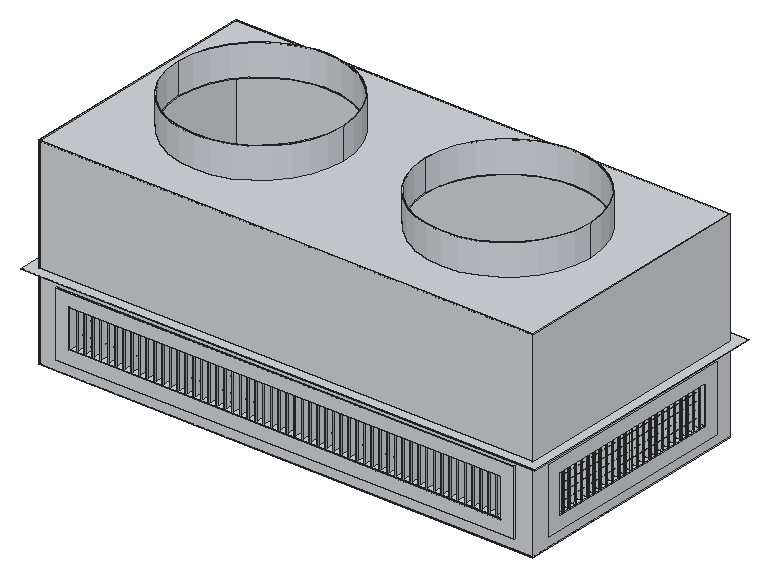
Revit family "model CO-12 diffuser", category Mechanical Equipment, Revit 2015
Parameters
  height [instance] = 1' - 7 3/8"
  Width = 1' - 11 3/4"
  Length = 3' - 11 3/4"
Reference planes (in)
  plane 1 "Center (Front/Back)": y = 0
  plane 2: z = 0
  plane 3 "Center (Left/Right)": x = 0
  plane 4: y = 11.875
  plane 5: y = -11.875
  plane 6: x = -23.875
  plane 7: x = 23.875
  plane 8: z = -9.6875
  plane 9: z = 9.6875
  plane 10: x = -23.8272
  plane 11: y = -11.8272
  plane 12: x = 23.8272
  plane 13: y = 11.8272
  plane 14: z = 9.6397
  plane 15: z = -1.3125
  plane 16: x = -24.875
  plane 17: y = -12.875
  plane 18: x = 24.875
  plane 19: y = 12.875
  plane 20: z = -1.3603
  plane 21: z = -9.6397
  plane 22: x = -11.9375
  plane 23: x = 11.9375
  plane 24: z = 12.6875
  plane 25: y = 9
  plane 26: y = -9
  plane 27: z = -3.50092
  plane 28: z = -7.50092
  plane 29: x = -21
  plane 30: x = 21
  plane 31: x = -16.5
  plane 32: x = 16.5
  plane 33: y = 4.5
  plane 34: y = -4.5
Forms (in)
  Extrusion 1, solid
    sketch origin (0, 0, 0) x (1, 0, 0) y (0, 1, 0)
      loop
        line (-23.875, 11.875) -> (-23.875, -11.875) -> (23.875, -11.875) -> (23.875, 11.875) -> (-23.875, 11.875)
    from 9.6875 to 9.6397
  Extrusion 2, solid
    sketch origin (0, 0, 0) x (1, 0, 0) y (0, 1, 0)
      loop
        line (-23.875, 11.875) -> (-23.875, -11.875) -> (23.875, -11.875) -> (23.875, 11.875) -> (-23.875, 11.875)
      loop
        line (-23.8272, 11.8272) -> (-23.8272, -11.8272) -> (23.8272, -11.8272) -> (23.8272, 11.8272) -> (-23.8272, 11.8272)
    from 9.6875 to -9.6875
  Extrusion 3, solid
    sketch origin (0, 0, 0) x (1, 0, 0) y (0, 1, 0)
      loop
        line (-24.875, 12.875) -> (-24.875, -12.875) -> (24.875, -12.875) -> (24.875, 12.875) -> (-24.875, 12.875)
      loop
        line (23.875, -11.875) -> (23.875, 11.875) -> (-23.875, 11.875) -> (-23.875, -11.875) -> (23.875, -11.875)
    from -1.3125 to -1.3603
  Extrusion 4, solid
    sketch origin (0, 0, 0) x (1, 0, 0) y (0, 1, 0)
      loop
        line (-23.875, 11.875) -> (-23.875, -11.875) -> (23.875, -11.875) -> (23.875, 11.875) -> (-23.875, 11.875)
    from -9.6397 to -9.6875
  Extrusion 5, solid
    sketch origin (0, 0, 0) x (1, 0, 0) y (0, 1, 0)
      loop
        circle (-11.9375, 0) r 8
      loop
        circle (-11.9375, 0) r 7.9761
    from 12.6875 to 9.6875
  Extrusion 6, solid
    sketch origin (23.875, 0, 0) x (1, 0, 0) y (0, 1, 0)
      loop
        circle (-11.9375, 0) r 8
      loop
        circle (-11.9375, 0) r 7.9761
    from 12.6875 to 9.6875
  Extrusion 7, void
    sketch origin (0, 0, 0) x (1, 0, 0) y (0, 1, 0)
      loop
        circle (-11.9375, 0) r 7.9761
    from 12 to 3
  Extrusion 8, void
    sketch origin (0, 0, 0) x (1, 0, 0) y (0, 1, 0)
      loop
        circle (11.9375, 0) r 7.9761
    from 12 to 3
  Extrusion 9, void
    sketch origin (0, 0, 0) x (0, 1, 0) y (0, 0, 1)
      loop
        line (9, -3.50092) -> (-9, -3.50092) -> (-9, -7.50093) -> (9, -7.50093) -> (9, -3.50092)
    from 28.68207 to -27.87379
  Extrusion 10, void
    sketch origin (0, 0, 0) x (1, 0, 0) y (0, 0, 1)
      loop
        line (-21, -3.50092) -> (-21, -7.50092) -> (21, -7.50092) -> (21, -3.50092) -> (-21, -3.50092)
    from 12 to -14.86527
  Extrusion 11, void
    sketch origin (0, 0, 0) x (1, 0, 0) y (0, 1, 0)
      loop
        line (-16.5, 4.5) -> (-16.5, -4.5) -> (16.5, -4.5) -> (16.5, 4.5) -> (-16.5, 4.5)
    from 0 to -12
Cuts and joins
  Extrusion 7, Extrusion 8 cuts Extrusion 1
  Extrusion 7 cuts Extrusion 5
  Extrusion 8 cuts Extrusion 6
  Extrusion 9, Extrusion 10 cuts Extrusion 2
  Extrusion 11 cuts Extrusion 4
Dimensions and locks (in)
  equal spacing: plane 6, plane 3 "Center (Left/Right)", plane 7
  "Length": plane 6 to plane 7
  equal spacing: plane 4, plane 1 "Center (Front/Back)", plane 5
  "Width": plane 4 to plane 5
  locked: plane 6 to plane 10 at 0.0478
  locked: plane 12 to plane 7 at 0.0478
  locked: plane 11 to plane 5 at 0.0478
  locked: plane 13 to plane 4 at 0.0478
  equal spacing: plane 9, level, plane 8
  "height": plane 9 to plane 8
  locked: plane 9 to plane 14 at 0.0478
  locked: plane 15 to plane 8 at 8.375
  locked: plane 5 to plane 17 at 1
  locked: plane 7 to plane 18 at 1
  locked: plane 19 to plane 4 at 1
  locked: plane 16 to plane 6 at 1
  locked: plane 15 to plane 20 at 0.0478
  locked: plane 21 to plane 8 at 0.0478
  locked: plane 22 to plane 3 "Center (Left/Right)" at 11.9375
  locked: plane 3 "Center (Left/Right)" to plane 23 at 11.9375
  locked: plane 24 to plane 9 at 3
  locked: plane 25 to plane 1 "Center (Front/Back)" at 9
  locked: plane 1 "Center (Front/Back)" to plane 26 at 9
  locked: plane 3 "Center (Left/Right)" to plane 29 at 21
  locked: plane 30 to plane 3 "Center (Left/Right)" at 21
  locked: plane 31 to plane 32 at 33
  locked: plane 33 to plane 34 at 9
  aligned and locked: level to plane 2
  aligned and locked: plane 4 to Extrusion 1
  aligned and locked: plane 6 to Extrusion 1
  aligned and locked: Extrusion 1 to plane 7
  aligned and locked: Extrusion 1 to plane 5
  aligned and locked: plane 9 to Extrusion 1
  aligned and locked: Extrusion 1 to plane 14
  aligned and locked: plane 9 to Extrusion 2
  aligned and locked: Extrusion 2 to plane 8
  aligned and locked: Extrusion 2 to plane 7
  aligned and locked: plane 4 to Extrusion 2
  aligned and locked: plane 13 to Extrusion 2
  aligned and locked: plane 12 to Extrusion 2
  aligned and locked: Extrusion 2 to plane 5
  aligned and locked: plane 6 to Extrusion 2
  aligned and locked: plane 10 to Extrusion 2
  aligned and locked: plane 11 to Extrusion 2
  aligned and locked: plane 15 to Extrusion 3
  aligned and locked: Extrusion 3 to plane 20
  aligned and locked: plane 21 to Extrusion 4
  aligned and locked: Extrusion 4 to plane 8
  aligned and locked: plane 6 to Extrusion 4
  aligned and locked: plane 4 to Extrusion 4
  aligned and locked: Extrusion 4 to plane 5
  aligned and locked: Extrusion 4 to plane 7
  aligned and locked: Extrusion 5 to plane 9
  aligned and locked: plane 24 to Extrusion 5
  aligned and locked: cut or joined group of Extrusion 4, Extrusion 11 to plane 31
  aligned and locked: plane 33 to cut or joined group of Extrusion 4, Extrusion 11
  aligned and locked: cut or joined group of Extrusion 4, Extrusion 11 to plane 34
  aligned and locked: plane 32 to cut or joined group of Extrusion 4, Extrusion 11
  aligned and locked: plane 26 to cut or joined group of Extrusion 2, Extrusion 9, Extrusion 10
  aligned and locked: cut or joined group of Extrusion 2, Extrusion 9, Extrusion 10 to plane 25
  aligned and locked: plane 27 to cut or joined group of Extrusion 2, Extrusion 9, Extrusion 10  (x2)
  aligned and locked: cut or joined group of Extrusion 2, Extrusion 9, Extrusion 10 to plane 28  (x2)
  aligned and locked: cut or joined group of Extrusion 2, Extrusion 9, Extrusion 10 to plane 29
  aligned and locked: plane 30 to cut or joined group of Extrusion 2, Extrusion 9, Extrusion 10
  aligned and locked: plane 3 "Center (Left/Right)" to nested 1
  aligned and locked: plane 27 to nested 1
  aligned and locked: plane 5 to nested 1
  aligned and locked: plane 28 to nested 1
  aligned and locked: nested 2 to plane 13
  aligned and locked: nested 2 to plane 27  (x2)
  aligned and locked: nested 2 to plane 28
  aligned and locked: nested 1 to cut or joined group of Extrusion 2, Extrusion 9, Extrusion 10
  aligned and locked: plane 30 to nested 1
  aligned and locked: nested 1 to plane 28
  aligned and locked: nested 2 to plane 30
  aligned and locked: nested 3 to plane 1 "Center (Front/Back)"
  aligned and locked: nested 3 to plane 25  (x2)
  aligned and locked: plane 26 to nested 3  (x2)
  aligned and locked: plane 7 to nested 3
  aligned and locked: nested 3 to plane 28
  aligned and locked: plane 27 to nested 3
  aligned and locked: plane 25 to nested 4  (x2)
  aligned and locked: nested 4 to plane 26  (x2)
  aligned and locked: plane 6 to nested 4
  aligned and locked: nested 4 to plane 27
  aligned and locked: nested 4 to plane 28
  aligned and locked: plane 33 to nested 5
  aligned and locked: nested 5 to plane 34  (x2)
  aligned and locked: plane 32 to nested 5
  aligned and locked: nested 5 to plane 31
  aligned and locked: nested 5 to plane 33
  aligned and locked: plane 8 to nested 5
Automatic sketch dimensions
  Extrusion 1 sketch curve to plane 5 = 0' - 0"
  Extrusion 1 sketch curve to plane 6 = 0' - 0"
  Extrusion 1 sketch curve to plane 7 = 0' - 0"
  Extrusion 1 sketch curve to plane 4 = 0' - 0"
  Extrusion 2 sketch curve to plane 5 = 0' - 0"
  Extrusion 2 sketch curve to plane 6 = 0' - 0"
  Extrusion 2 sketch curve to plane 10 = 0' - 0"
  Extrusion 2 sketch curve to plane 12 = 0' - 0"
  Extrusion 2 sketch curve to plane 4 = 0' - 0"
  Extrusion 2 sketch curve to plane 7 = 0' - 0"
  Extrusion 2 sketch curve to plane 11 = 0' - 0"
  plane 13 to Extrusion 2 sketch curve = 0' - 0"
  Extrusion 3 sketch curve to plane 16 = 0' - 0"
  Extrusion 3 sketch curve to plane 4 = 0' - 0"
  Extrusion 3 sketch curve to plane 6 = 0' - 0"
  Extrusion 3 sketch curve to plane 7 = 0' - 0"
  Extrusion 3 sketch curve to plane 17 = 0' - 0"
  Extrusion 3 sketch curve to plane 18 = 0' - 0"
  Extrusion 3 sketch curve to plane 5 = 0' - 0"
  Extrusion 3 sketch curve to plane 19 = 0' - 0"
  Extrusion 4 sketch curve to plane 5 = 0' - 0"
  Extrusion 4 sketch curve to plane 6 = 0' - 0"
  Extrusion 4 sketch curve to plane 7 = 0' - 0"
  Extrusion 4 sketch curve to plane 4 = 0' - 0"
  Extrusion 5 sketch curve to Extrusion 5 sketch curve = 0' - 0"  (x2)
  plane 1 "Center (Front/Back)" to Extrusion 5 sketch curve = 0' - 0"
  Extrusion 5 sketch curve to plane 22 = 0' - 0"
  Extrusion 6 sketch curve to Extrusion 6 sketch curve = 0' - 0"  (x2)
  plane 1 "Center (Front/Back)" to Extrusion 6 sketch curve = 0' - 0"
  Extrusion 6 sketch curve to plane 23 = 0' - 0"
  plane 1 "Center (Front/Back)" to Extrusion 7 sketch curve = 0' - 0"
  Extrusion 7 sketch curve to plane 22 = 0' - 0"
  plane 1 "Center (Front/Back)" to Extrusion 8 sketch curve = 0' - 0"
  Extrusion 8 sketch curve to plane 23 = 0' - 0"
  Extrusion 9 sketch curve to plane 26 = 0' - 0"
  Extrusion 9 sketch curve to plane 25 = 0' - 0"
  Extrusion 9 sketch curve to plane 28 = 0' - 0"
  Extrusion 9 sketch curve to plane 27 = 0' - 0"
  Extrusion 10 sketch curve to plane 28 = 0' - 0"
  Extrusion 10 sketch curve to plane 29 = 0' - 0"
  Extrusion 10 sketch curve to plane 30 = 0' - 0"
  Extrusion 10 sketch curve to plane 27 = 0' - 0"
  Extrusion 11 sketch curve to plane 31 = 0' - 0"
  Extrusion 11 sketch curve to plane 32 = 0' - 0"
  Extrusion 11 sketch curve to plane 34 = 0' - 0"
  Extrusion 11 sketch curve to plane 33 = 0' - 0"
  radius of Extrusion 5 sketch curve = 0' - 8"
  radius of Extrusion 5 sketch curve = 0' - 7.9761"
  radius of Extrusion 6 sketch curve = 0' - 8"
  radius of Extrusion 6 sketch curve = 0' - 7.9761"
  radius of Extrusion 7 sketch curve = 0' - 7.9761"
  radius of Extrusion 8 sketch curve = 0' - 7.9761"
Nested families (in)
  nested 1: "Double Diffuser Grille" at (0, -10.25, -5.50093), type "Double Diffuser Grille"
    with Vert. Spacing 0' - 0 3/4", Vert. Number 28, Vert. Blade Height 0' - 3 5/8", Horiz. Spacing 0' - 0 3/4", Horiz. Number 3, Horiz. Blade Width 3' - 5 5/8"
  nested 2: "Double Diffuser Grille" at (0, 10.2022, -5.50093), type "Double Diffuser Grille"
    with Vert. Spacing 0' - 0 3/4", Vert. Number 28, Vert. Blade Height 0' - 3 5/8", Horiz. Spacing 0' - 0 3/4", Horiz. Number 3, Horiz. Blade Width 3' - 5 5/8"
  nested 3: "CO-12 short grille" at (22.25, 0, -5.50093) x (0, 1, 0) z (0, 0, 1), type "CO-12 short grille"
    with Vert. Spacing 0' - 0 3/4", Vert. Number 12, Vert. Blade Height 0' - 3 5/8", Horiz. Spacing 0' - 0 3/4", Horiz. Number 3, Horiz. Blade Width 1' - 5 5/8"
  nested 4: "CO-12 short grille" at (-22.25, 0, -5.50093) x (0, 1, 0) z (0, 0, 1), type "CO-12 short grille"
    with Vert. Spacing 0' - 0 3/4", Vert. Number 12, Vert. Blade Height 0' - 3 5/8", Horiz. Spacing 0' - 0 3/4", Horiz. Number 3, Horiz. Blade Width 1' - 5 5/8"
  nested 5: "egg crate grille 2" at (0, 0, -8.0625) x (1, 0, 0) z (0, -1, 0), type "egg crate grille 2"
    with Vert. Spacing 0' - 0 3/4", Vert. Number 32, Vert. Blade Height 0' - 8 5/8", Horiz. Spacing 0' - 0 3/4", Horiz. Number 8, Horiz. Blade Width 2' - 8 5/8"
Definition of nested family "Double Diffuser Grille"
  Parameters (values of type "Double Diffuser Grille")
    Vert. Spacing [instance] = 0' - 0 3/4"
    Vert. Number [instance] = ((Grille Width - 0' 0 1/4") / 0' 0 3/4") / 2  # 28
    Vert. Blade Height [instance] = Grille Height - 0' 0 3/8"  # 0' - 3 5/8"
    Horiz. Spacing [instance] = 0' - 0 3/4"
    Horiz. Number [instance] = ((Grille Height - 0' 0 1/4") / 0' 0 3/4") / 2  # 3
    Horiz. Blade Width [instance] = Grille Width - 0' 0 3/8"  # 3' - 5 5/8"
    Grille Width = 3' - 6"
    Grille Height = 0' - 4"
  Reference planes (in)
    plane 1 "Center (Front/Back)": y = 0
    plane 2: z = 0
    plane 3 "Center (Left/Right)": x = 0
    plane 4: y = -1.75
    plane 5: y = -1.625
    plane 6: x = -21
    plane 7: x = 21
    plane 8: z = -2
    plane 9: z = 2
    plane 10: x = -20.875
    plane 11: z = 1.875
    plane 12: z = -1.875
    plane 13: x = 20.875
    plane 14: x = 22.125
    plane 15: z = -3.125
    plane 16: z = 3.125
    plane 17: x = -22.125
    plane 18: y = -0.8125
  Forms (in)
    Extrusion 1, solid
      sketch origin (0, 0, 0) x (1, 0, 0) y (0, 0, 1)
        loop
          line (-21, -2) -> (21, -2) -> (21, 2) -> (-21, 2) -> (-21, -2)
        loop
          line (-20.875, -1.875) -> (20.875, -1.875) -> (20.875, 1.875) -> (-20.875, 1.875) -> (-20.875, -1.875)
      from 0 to 1.625
    Extrusion 2, solid
      sketch origin (0, 0, 0) x (1, 0, 0) y (0, 0, 1)
        loop
          line (-22.125, -3.125) -> (22.125, -3.125) -> (22.125, 3.125) -> (-22.125, 3.125) -> (-22.125, -3.125)
        loop
          line (-20.875, -1.875) -> (20.875, -1.875) -> (20.875, 1.875) -> (-20.875, 1.875) -> (-20.875, -1.875)
      from 1.625 to 1.75
  Dimensions and locks (in)
    locked: plane 5 to plane 4 at 0.125
    locked: plane 1 "Center (Front/Back)" to plane 5 at 1.625
    equal spacing: plane 9, level, plane 8
    "Grille Height": plane 9 to plane 8
    equal spacing: plane 6, plane 3 "Center (Left/Right)", plane 7
    "Grille Width": plane 6 to plane 7
    locked: plane 9 to plane 11 at 0.125
    locked: plane 12 to plane 8 at 0.125
    locked: plane 6 to plane 10 at 0.125
    locked: plane 7 to plane 13 at 0.125
    locked: plane 16 to plane 9 at 1.125
    locked: plane 8 to plane 15 at 1.125
    locked: plane 6 to plane 17 at 1.125
    locked: plane 14 to plane 7 at 1.125
    locked: plane 1 "Center (Front/Back)" to plane 18 at 0.8125
    equal spacing: group 1, group 2, group 4, group 5, group 6, group 7, group 8, group 9, group 10, group 11, group 12, group 13, group 29, group 30, group 31, group 32, group 33, group 34, group 35, group 36, group 37, group 38, group 39, group 40, group 41, group 42, group 43, group 44  (x3)
    "Vert. Spacing": nested 1 to nested 3
    equal spacing: group 60, group 59, group 58, group 57, group 56, group 55, group 54, group 53, group 52, group 51, group 50, group 49, group 48, group 47, group 46, group 45, group 23, group 22, group 21, group 20, group 19, group 18, group 17, group 16, group 15, group 14, group 3, group 1
    equal spacing: group 1, group 3, group 14, group 15, group 16, group 17, group 18, group 19, group 20, group 21, group 22, group 23, group 45, group 46, group 47, group 48, group 49, group 50, group 51, group 52, group 53, group 54, group 55, group 56, group 57, group 58, group 59, group 60  (x2)
    "Vert. Spacing": nested 4 to nested 1
    equal spacing: group 24, group 25, group 27  (x3)
    "Horiz. Spacing": nested 25 to nested 2
    equal spacing: group 24, group 26, group 28  (x2)
    equal spacing: group 28, group 26, group 24
    "Horiz. Spacing": nested 2 to nested 26
    aligned and locked: level to plane 2
    aligned and locked: plane 6 to Extrusion 1 sketch curve
    aligned and locked: plane 9 to Extrusion 1 sketch curve
    aligned and locked: Extrusion 1 sketch curve to plane 8
    aligned and locked: plane 7 to Extrusion 1 sketch curve
    aligned and locked: plane 13 to Extrusion 1 sketch curve
    aligned and locked: plane 12 to Extrusion 1 sketch curve
    aligned and locked: plane 10 to Extrusion 1 sketch curve
    aligned and locked: plane 11 to Extrusion 1 sketch curve
    aligned and locked: Extrusion 1 to plane 1 "Center (Front/Back)"
    aligned and locked: Extrusion 1 to plane 5
    aligned and locked: Extrusion 2 sketch curve to plane 17
    aligned and locked: Extrusion 2 sketch curve to plane 16
    aligned and locked: Extrusion 2 sketch curve to plane 14
    aligned and locked: plane 15 to Extrusion 2 sketch curve
    aligned and locked: plane 12 to Extrusion 2 sketch curve
    aligned and locked: plane 13 to Extrusion 2 sketch curve
    aligned and locked: plane 11 to Extrusion 2 sketch curve
    aligned and locked: plane 10 to Extrusion 2 sketch curve
    aligned and locked: plane 5 to Extrusion 2
    aligned and locked: Extrusion 2 to plane 4
    aligned and locked: nested 1 to plane 5
    aligned and locked: nested 1 to plane 3 "Center (Left/Right)"
    aligned and locked: nested 2 to plane 18
    aligned and locked: plane 3 "Center (Left/Right)" to nested 2
  Nested families (in)
    nested 1: "Vertical Blade" at (-0.08237, -1.625, 0), type "Vertical Blade"
      with H 0' - 3 5/8"
    nested 2: "Horizontal Blade" at (0, -0.8125, 0), type "Horizontal Blade"
      with L 3' - 5 5/8"
    nested 3: "Vertical Blade" at (0.66763, -1.625, 0), type "Vertical Blade"
      with H 0' - 3 5/8"
    nested 4: "Vertical Blade" at (-0.83237, -1.625, 0), type "Vertical Blade"
      with H 0' - 3 5/8"
    nested 5: "Vertical Blade" at (1.41763, -1.625, 0), type "Vertical Blade"
      with H 0' - 3 5/8"
    nested 6: "Vertical Blade" at (2.16763, -1.625, 0), type "Vertical Blade"
      with H 0' - 3 5/8"
    nested 7: "Vertical Blade" at (2.91763, -1.625, 0), type "Vertical Blade"
      with H 0' - 3 5/8"
    nested 8: "Vertical Blade" at (3.66763, -1.625, 0), type "Vertical Blade"
      with H 0' - 3 5/8"
    nested 9: "Vertical Blade" at (4.41763, -1.625, 0), type "Vertical Blade"
      with H 0' - 3 5/8"
    nested 10: "Vertical Blade" at (5.16763, -1.625, 0), type "Vertical Blade"
      with H 0' - 3 5/8"
    nested 11: "Vertical Blade" at (5.91763, -1.625, 0), type "Vertical Blade"
      with H 0' - 3 5/8"
    nested 12: "Vertical Blade" at (6.66763, -1.625, 0), type "Vertical Blade"
      with H 0' - 3 5/8"
    nested 13: "Vertical Blade" at (7.41763, -1.625, 0), type "Vertical Blade"
      with H 0' - 3 5/8"
    nested 14: "Vertical Blade" at (8.16763, -1.625, 0), type "Vertical Blade"
      with H 0' - 3 5/8"
    nested 15: "Vertical Blade" at (-1.58237, -1.625, 0), type "Vertical Blade"
      with H 0' - 3 5/8"
    nested 16: "Vertical Blade" at (-2.33237, -1.625, 0), type "Vertical Blade"
      with H 0' - 3 5/8"
    nested 17: "Vertical Blade" at (-3.08237, -1.625, 0), type "Vertical Blade"
      with H 0' - 3 5/8"
    nested 18: "Vertical Blade" at (-3.83237, -1.625, 0), type "Vertical Blade"
      with H 0' - 3 5/8"
    nested 19: "Vertical Blade" at (-4.58237, -1.625, 0), type "Vertical Blade"
      with H 0' - 3 5/8"
    nested 20: "Vertical Blade" at (-5.33237, -1.625, 0), type "Vertical Blade"
      with H 0' - 3 5/8"
    nested 21: "Vertical Blade" at (-6.08237, -1.625, 0), type "Vertical Blade"
      with H 0' - 3 5/8"
    nested 22: "Vertical Blade" at (-6.83237, -1.625, 0), type "Vertical Blade"
      with H 0' - 3 5/8"
    nested 23: "Vertical Blade" at (-7.58237, -1.625, 0), type "Vertical Blade"
      with H 0' - 3 5/8"
    nested 24: "Vertical Blade" at (-8.33237, -1.625, 0), type "Vertical Blade"
      with H 0' - 3 5/8"
    nested 25: "Horizontal Blade" at (0, -0.8125, 0.75), type "Horizontal Blade"
      with L 3' - 5 5/8"
    nested 26: "Horizontal Blade" at (0, -0.8125, -0.75), type "Horizontal Blade"
      with L 3' - 5 5/8"
    nested 27: "Horizontal Blade" at (0, -0.8125, 1.5), type "Horizontal Blade"
      with L 3' - 5 5/8"
    nested 28: "Horizontal Blade" at (0, -0.8125, -1.5), type "Horizontal Blade"
      with L 3' - 5 5/8"
    nested 29: "Vertical Blade" at (8.91763, -1.625, 0), type "Vertical Blade"
      with H 0' - 3 5/8"
    nested 30: "Vertical Blade" at (9.66763, -1.625, 0), type "Vertical Blade"
      with H 0' - 3 5/8"
    nested 31: "Vertical Blade" at (10.41763, -1.625, 0), type "Vertical Blade"
      with H 0' - 3 5/8"
    nested 32: "Vertical Blade" at (11.16763, -1.625, 0), type "Vertical Blade"
      with H 0' - 3 5/8"
    nested 33: "Vertical Blade" at (11.91763, -1.625, 0), type "Vertical Blade"
      with H 0' - 3 5/8"
    nested 34: "Vertical Blade" at (12.66763, -1.625, 0), type "Vertical Blade"
      with H 0' - 3 5/8"
    nested 35: "Vertical Blade" at (13.41763, -1.625, 0), type "Vertical Blade"
      with H 0' - 3 5/8"
    nested 36: "Vertical Blade" at (14.16763, -1.625, 0), type "Vertical Blade"
      with H 0' - 3 5/8"
    nested 37: "Vertical Blade" at (14.91763, -1.625, 0), type "Vertical Blade"
      with H 0' - 3 5/8"
    nested 38: "Vertical Blade" at (15.66763, -1.625, 0), type "Vertical Blade"
      with H 0' - 3 5/8"
    nested 39: "Vertical Blade" at (16.41763, -1.625, 0), type "Vertical Blade"
      with H 0' - 3 5/8"
    nested 40: "Vertical Blade" at (17.16763, -1.625, 0), type "Vertical Blade"
      with H 0' - 3 5/8"
    nested 41: "Vertical Blade" at (17.91763, -1.625, 0), type "Vertical Blade"
      with H 0' - 3 5/8"
    nested 42: "Vertical Blade" at (18.66763, -1.625, 0), type "Vertical Blade"
      with H 0' - 3 5/8"
    nested 43: "Vertical Blade" at (19.41763, -1.625, 0), type "Vertical Blade"
      with H 0' - 3 5/8"
    nested 44: "Vertical Blade" at (20.16763, -1.625, 0), type "Vertical Blade"
      with H 0' - 3 5/8"
    nested 45: "Vertical Blade" at (-9.08237, -1.625, 0), type "Vertical Blade"
      with H 0' - 3 5/8"
    nested 46: "Vertical Blade" at (-9.83237, -1.625, 0), type "Vertical Blade"
      with H 0' - 3 5/8"
    nested 47: "Vertical Blade" at (-10.58237, -1.625, 0), type "Vertical Blade"
      with H 0' - 3 5/8"
    nested 48: "Vertical Blade" at (-11.33237, -1.625, 0), type "Vertical Blade"
      with H 0' - 3 5/8"
    nested 49: "Vertical Blade" at (-12.08237, -1.625, 0), type "Vertical Blade"
      with H 0' - 3 5/8"
    nested 50: "Vertical Blade" at (-12.83237, -1.625, 0), type "Vertical Blade"
      with H 0' - 3 5/8"
    nested 51: "Vertical Blade" at (-13.58237, -1.625, 0), type "Vertical Blade"
      with H 0' - 3 5/8"
    nested 52: "Vertical Blade" at (-14.33237, -1.625, 0), type "Vertical Blade"
      with H 0' - 3 5/8"
    nested 53: "Vertical Blade" at (-15.08237, -1.625, 0), type "Vertical Blade"
      with H 0' - 3 5/8"
    nested 54: "Vertical Blade" at (-15.83237, -1.625, 0), type "Vertical Blade"
      with H 0' - 3 5/8"
    nested 55: "Vertical Blade" at (-16.58237, -1.625, 0), type "Vertical Blade"
      with H 0' - 3 5/8"
    nested 56: "Vertical Blade" at (-17.33237, -1.625, 0), type "Vertical Blade"
      with H 0' - 3 5/8"
    nested 57: "Vertical Blade" at (-18.08237, -1.625, 0), type "Vertical Blade"
      with H 0' - 3 5/8"
    nested 58: "Vertical Blade" at (-18.83237, -1.625, 0), type "Vertical Blade"
      with H 0' - 3 5/8"
    nested 59: "Vertical Blade" at (-19.58237, -1.625, 0), type "Vertical Blade"
      with H 0' - 3 5/8"
    nested 60: "Vertical Blade" at (-20.33237, -1.625, 0), type "Vertical Blade"
      with H 0' - 3 5/8"
  Definition of nested family "Vertical Blade"
    Parameters (values of type "Vertical Blade")
      H = 2' - 0"
    Reference planes (in)
      plane 1 "Center (Front/Back)": y = 0
      plane 2: z = 0
      plane 3 "Center (Left/Right)": x = 0
      plane 4: z = 12
      plane 5: z = -12
    Forms (in)
      Extrusion 1, solid
        sketch origin (0, -0.05958, 0) x (1, 0, 0) y (0, 1, 0)
          loop
            arc (0.08237, 0.17216) -> (0.04492, 0.11716) -> (0.07825, 0.05958) r 0.0625
            line (0.07825, 0.05958) -> (0.1365, 0.05958)
            arc (0.1365, 0.05958) -> (0.16983, 0.11716) -> (0.13237, 0.17216) r 0.0625
            line (0.13237, 0.17216) -> (0.13237, 0.80238) -> (0.08237, 0.80238) -> (0.08237, 0.17216)
        from -12 to 12
    Dimensions and locks (in)
      equal spacing: plane 4, level, plane 5
      "H": plane 4 to plane 5
      aligned and locked: level to plane 2
      aligned and locked: plane 4 to Extrusion 1
      aligned and locked: Extrusion 1 to plane 5
    Automatic sketch dimensions
      Extrusion 1 sketch curve to Extrusion 1 sketch curve = 0' - 0"  (x2)
      plane 1 "Center (Front/Back)" to Extrusion 1 sketch curve = 0' - 0"
      plane 3 "Center (Left/Right)" to Extrusion 1 sketch curve = 0' - 0.07825"
      plane 3 "Center (Left/Right)" to Extrusion 1 sketch curve = 0' - 0.08237"
      Extrusion 1 sketch curve to Extrusion 1 sketch curve = 0' - 0.02912"
      Extrusion 1 sketch curve to Extrusion 1 sketch curve = 0' - 0.05"
      Extrusion 1 sketch curve to Extrusion 1 sketch curve = 0' - 0.05825"
      Extrusion 1 sketch curve to plane 1 "Center (Front/Back)" = 0' - 0.0553"
      Extrusion 1 sketch curve to Extrusion 1 sketch curve = 0' - 0.63022"
  Definition of nested family "Horizontal Blade"
    Parameters (values of type "Horizontal Blade")
      L = 3' - 0"
    Reference planes (in)
      plane 1 "Center (Front/Back)": y = 0
      plane 2: z = 0
      plane 3 "Center (Left/Right)": x = 0
      plane 4: x = -18
      plane 5: x = 18
    Forms (in)
      Extrusion 1, solid
        sketch origin (0.10737, -0.05958, -0.10737) x (0, 0, 1) y (0, 1, 0)
          loop
            arc (0.08237, 0.17216) -> (0.04492, 0.11716) -> (0.07825, 0.05958) r 0.0625
            line (0.07825, 0.05958) -> (0.1365, 0.05958)
            arc (0.1365, 0.05958) -> (0.16983, 0.11716) -> (0.13237, 0.17216) r 0.0625
            line (0.13237, 0.17216) -> (0.13237, 0.80238) -> (0.08237, 0.80238) -> (0.08237, 0.17216)
        from -17.89263 to 18.10737
    Dimensions and locks (in)
      equal spacing: plane 4, plane 3 "Center (Left/Right)", plane 5
      "L": plane 4 to plane 5
      aligned and locked: level to plane 2
      aligned and locked: plane 4 to Extrusion 1
      aligned and locked: plane 5 to Extrusion 1
    Automatic sketch dimensions
      Extrusion 1 sketch curve to Extrusion 1 sketch curve = 0' - 0"  (x2)
      Extrusion 1 sketch curve to plane 1 "Center (Front/Back)" = 0' - 0"
      Extrusion 1 sketch curve to level = 0' - 0"
      Extrusion 1 sketch curve to level = 0' - 0.025"
      Extrusion 1 sketch curve to level = 0' - 0.02912"
      level to Extrusion 1 sketch curve = 0' - 0.025"
      level to Extrusion 1 sketch curve = 0' - 0.02912"
      Extrusion 1 sketch curve to plane 1 "Center (Front/Back)" = 0' - 0.0553"
      Extrusion 1 sketch curve to Extrusion 1 sketch curve = 0' - 0.63022"
Definition of nested family "CO-12 short grille"
  Parameters (values of type "CO-12 short grille")
    Vert. Spacing [instance] = 0' - 0 3/4"
    Vert. Number [instance] = ((Grille Width - 0' 0 1/4") / 0' 0 3/4") / 2  # 12
    Vert. Blade Height [instance] = Grille Height - 0' 0 3/8"  # 0' - 3 5/8"
    Horiz. Spacing [instance] = 0' - 0 3/4"
    Horiz. Number [instance] = ((Grille Height - 0' 0 1/4") / 0' 0 3/4") / 2  # 3
    Horiz. Blade Width [instance] = Grille Width - 0' 0 3/8"  # 1' - 5 5/8"
    Grille Width = 1' - 6"
    Grille Height = 0' - 4"
  Reference planes (in)
    plane 1 "Center (Front/Back)": y = 0
    plane 2: z = 0
    plane 3 "Center (Left/Right)": x = 0
    plane 4: y = -1.75
    plane 5: y = -1.625
    plane 6: x = -9
    plane 7: x = 9
    plane 8: z = -2
    plane 9: z = 2
    plane 10: x = -8.875
    plane 11: z = 1.875
    plane 12: z = -1.875
    plane 13: x = 8.875
    plane 14: x = 10.125
    plane 15: z = -3.125
    plane 16: z = 3.125
    plane 17: x = -10.125
    plane 18: y = -0.8125
  Forms (in)
    Extrusion 1, solid
      sketch origin (0, 0, 0) x (1, 0, 0) y (0, 0, 1)
        loop
          line (-9, -2) -> (9, -2) -> (9, 2) -> (-9, 2) -> (-9, -2)
        loop
          line (-8.875, -1.875) -> (8.875, -1.875) -> (8.875, 1.875) -> (-8.875, 1.875) -> (-8.875, -1.875)
      from 0 to 1.625
    Extrusion 2, solid
      sketch origin (0, 0, 0) x (1, 0, 0) y (0, 0, 1)
        loop
          line (-10.125, -3.125) -> (10.125, -3.125) -> (10.125, 3.125) -> (-10.125, 3.125) -> (-10.125, -3.125)
        loop
          line (-8.875, -1.875) -> (8.875, -1.875) -> (8.875, 1.875) -> (-8.875, 1.875) -> (-8.875, -1.875)
      from 1.625 to 1.75
  Dimensions and locks (in)
    locked: plane 5 to plane 4 at 0.125
    locked: plane 1 "Center (Front/Back)" to plane 5 at 1.625
    equal spacing: plane 9, level, plane 8
    "Grille Height": plane 9 to plane 8
    equal spacing: plane 6, plane 3 "Center (Left/Right)", plane 7
    "Grille Width": plane 6 to plane 7
    locked: plane 9 to plane 11 at 0.125
    locked: plane 12 to plane 8 at 0.125
    locked: plane 6 to plane 10 at 0.125
    locked: plane 7 to plane 13 at 0.125
    locked: plane 16 to plane 9 at 1.125
    locked: plane 8 to plane 15 at 1.125
    locked: plane 6 to plane 17 at 1.125
    locked: plane 14 to plane 7 at 1.125
    locked: plane 1 "Center (Front/Back)" to plane 18 at 0.8125
    equal spacing: group 1, group 2, group 4, group 5, group 6, group 7, group 8, group 9, group 10, group 11, group 12, group 13  (x3)
    "Vert. Spacing": nested 1 to nested 3
    equal spacing: group 23, group 22, group 21, group 20, group 19, group 18, group 17, group 16, group 15, group 14, group 3, group 1
    equal spacing: group 1, group 3, group 14, group 15, group 16, group 17, group 18, group 19, group 20, group 21, group 22, group 23  (x2)
    "Vert. Spacing": nested 4 to nested 1
    equal spacing: group 24, group 25, group 27  (x3)
    "Horiz. Spacing": nested 25 to nested 2
    equal spacing: group 24, group 26, group 28  (x2)
    equal spacing: group 28, group 26, group 24
    "Horiz. Spacing": nested 2 to nested 26
    aligned and locked: level to plane 2
    aligned and locked: plane 6 to Extrusion 1 sketch curve
    aligned and locked: plane 9 to Extrusion 1 sketch curve
    aligned and locked: Extrusion 1 sketch curve to plane 8
    aligned and locked: plane 7 to Extrusion 1 sketch curve
    aligned and locked: plane 13 to Extrusion 1 sketch curve
    aligned and locked: plane 12 to Extrusion 1 sketch curve
    aligned and locked: plane 10 to Extrusion 1 sketch curve
    aligned and locked: plane 11 to Extrusion 1 sketch curve
    aligned and locked: Extrusion 1 to plane 1 "Center (Front/Back)"
    aligned and locked: Extrusion 1 to plane 5
    aligned and locked: Extrusion 2 sketch curve to plane 17
    aligned and locked: plane 16 to Extrusion 2 sketch curve
    aligned and locked: Extrusion 2 sketch curve to plane 14
    aligned and locked: plane 15 to Extrusion 2 sketch curve
    aligned and locked: plane 12 to Extrusion 2 sketch curve
    aligned and locked: plane 13 to Extrusion 2 sketch curve
    aligned and locked: plane 11 to Extrusion 2 sketch curve
    aligned and locked: plane 10 to Extrusion 2 sketch curve
    aligned and locked: plane 5 to Extrusion 2
    aligned and locked: Extrusion 2 to plane 4
    aligned and locked: nested 1 to plane 5
    aligned and locked: nested 1 to plane 3 "Center (Left/Right)"
    aligned and locked: nested 2 to plane 18
    aligned and locked: plane 3 "Center (Left/Right)" to nested 2
  Nested families (in)
    nested 1: "Vertical Blade" at (-0.08237, -1.625, 0), type "Vertical Blade"
      with H 0' - 3 5/8"
    nested 2: "Horizontal Blade" at (0, -0.8125, 0), type "Horizontal Blade"
      with L 1' - 5 5/8"
    nested 3: "Vertical Blade" at (0.66763, -1.625, 0), type "Vertical Blade"
      with H 0' - 3 5/8"
    nested 4: "Vertical Blade" at (-0.83237, -1.625, 0), type "Vertical Blade"
      with H 0' - 3 5/8"
    nested 5: "Vertical Blade" at (1.41763, -1.625, 0), type "Vertical Blade"
      with H 0' - 3 5/8"
    nested 6: "Vertical Blade" at (2.16763, -1.625, 0), type "Vertical Blade"
      with H 0' - 3 5/8"
    nested 7: "Vertical Blade" at (2.91763, -1.625, 0), type "Vertical Blade"
      with H 0' - 3 5/8"
    nested 8: "Vertical Blade" at (3.66763, -1.625, 0), type "Vertical Blade"
      with H 0' - 3 5/8"
    nested 9: "Vertical Blade" at (4.41763, -1.625, 0), type "Vertical Blade"
      with H 0' - 3 5/8"
    nested 10: "Vertical Blade" at (5.16763, -1.625, 0), type "Vertical Blade"
      with H 0' - 3 5/8"
    nested 11: "Vertical Blade" at (5.91763, -1.625, 0), type "Vertical Blade"
      with H 0' - 3 5/8"
    nested 12: "Vertical Blade" at (6.66763, -1.625, 0), type "Vertical Blade"
      with H 0' - 3 5/8"
    nested 13: "Vertical Blade" at (7.41763, -1.625, 0), type "Vertical Blade"
      with H 0' - 3 5/8"
    nested 14: "Vertical Blade" at (8.16763, -1.625, 0), type "Vertical Blade"
      with H 0' - 3 5/8"
    nested 15: "Vertical Blade" at (-1.58237, -1.625, 0), type "Vertical Blade"
      with H 0' - 3 5/8"
    nested 16: "Vertical Blade" at (-2.33237, -1.625, 0), type "Vertical Blade"
      with H 0' - 3 5/8"
    nested 17: "Vertical Blade" at (-3.08237, -1.625, 0), type "Vertical Blade"
      with H 0' - 3 5/8"
    nested 18: "Vertical Blade" at (-3.83237, -1.625, 0), type "Vertical Blade"
      with H 0' - 3 5/8"
    nested 19: "Vertical Blade" at (-4.58237, -1.625, 0), type "Vertical Blade"
      with H 0' - 3 5/8"
    nested 20: "Vertical Blade" at (-5.33237, -1.625, 0), type "Vertical Blade"
      with H 0' - 3 5/8"
    nested 21: "Vertical Blade" at (-6.08237, -1.625, 0), type "Vertical Blade"
      with H 0' - 3 5/8"
    nested 22: "Vertical Blade" at (-6.83237, -1.625, 0), type "Vertical Blade"
      with H 0' - 3 5/8"
    nested 23: "Vertical Blade" at (-7.58237, -1.625, 0), type "Vertical Blade"
      with H 0' - 3 5/8"
    nested 24: "Vertical Blade" at (-8.33237, -1.625, 0), type "Vertical Blade"
      with H 0' - 3 5/8"
    nested 25: "Horizontal Blade" at (0, -0.8125, 0.75), type "Horizontal Blade"
      with L 1' - 5 5/8"
    nested 26: "Horizontal Blade" at (0, -0.8125, -0.75), type "Horizontal Blade"
      with L 1' - 5 5/8"
    nested 27: "Horizontal Blade" at (0, -0.8125, 1.5), type "Horizontal Blade"
      with L 1' - 5 5/8"
    nested 28: "Horizontal Blade" at (0, -0.8125, -1.5), type "Horizontal Blade"
      with L 1' - 5 5/8"
  Definition of nested family "Vertical Blade"
    Parameters (values of type "Vertical Blade")
      H = 2' - 0"
    Reference planes (in)
      plane 1 "Center (Front/Back)": y = 0
      plane 2: z = 0
      plane 3 "Center (Left/Right)": x = 0
      plane 4: z = 12
      plane 5: z = -12
    Forms (in)
      Extrusion 1, solid
        sketch origin (0, -0.05958, 0) x (1, 0, 0) y (0, 1, 0)
          loop
            arc (0.08237, 0.17216) -> (0.04492, 0.11716) -> (0.07825, 0.05958) r 0.0625
            line (0.07825, 0.05958) -> (0.1365, 0.05958)
            arc (0.1365, 0.05958) -> (0.16983, 0.11716) -> (0.13237, 0.17216) r 0.0625
            line (0.13237, 0.17216) -> (0.13237, 0.80238) -> (0.08237, 0.80238) -> (0.08237, 0.17216)
        from -12 to 12
    Dimensions and locks (in)
      equal spacing: plane 4, level, plane 5
      "H": plane 4 to plane 5
      aligned and locked: level to plane 2
      aligned and locked: plane 4 to Extrusion 1
      aligned and locked: Extrusion 1 to plane 5
    Automatic sketch dimensions
      Extrusion 1 sketch curve to Extrusion 1 sketch curve = 0' - 0"  (x2)
      plane 1 "Center (Front/Back)" to Extrusion 1 sketch curve = 0' - 0"
      plane 3 "Center (Left/Right)" to Extrusion 1 sketch curve = 0' - 0.07825"
      plane 3 "Center (Left/Right)" to Extrusion 1 sketch curve = 0' - 0.08237"
      Extrusion 1 sketch curve to Extrusion 1 sketch curve = 0' - 0.02912"
      Extrusion 1 sketch curve to Extrusion 1 sketch curve = 0' - 0.05"
      Extrusion 1 sketch curve to Extrusion 1 sketch curve = 0' - 0.05825"
      Extrusion 1 sketch curve to plane 1 "Center (Front/Back)" = 0' - 0.0553"
      Extrusion 1 sketch curve to Extrusion 1 sketch curve = 0' - 0.63022"
  Definition of nested family "Horizontal Blade"
    Parameters (values of type "Horizontal Blade")
      L = 3' - 0"
    Reference planes (in)
      plane 1 "Center (Front/Back)": y = 0
      plane 2: z = 0
      plane 3 "Center (Left/Right)": x = 0
      plane 4: x = -18
      plane 5: x = 18
    Forms (in)
      Extrusion 1, solid
        sketch origin (0.10737, -0.05958, -0.10737) x (0, 0, 1) y (0, 1, 0)
          loop
            arc (0.08237, 0.17216) -> (0.04492, 0.11716) -> (0.07825, 0.05958) r 0.0625
            line (0.07825, 0.05958) -> (0.1365, 0.05958)
            arc (0.1365, 0.05958) -> (0.16983, 0.11716) -> (0.13237, 0.17216) r 0.0625
            line (0.13237, 0.17216) -> (0.13237, 0.80238) -> (0.08237, 0.80238) -> (0.08237, 0.17216)
        from -17.89263 to 18.10737
    Dimensions and locks (in)
      equal spacing: plane 4, plane 3 "Center (Left/Right)", plane 5
      "L": plane 4 to plane 5
      aligned and locked: level to plane 2
      aligned and locked: plane 4 to Extrusion 1
      aligned and locked: plane 5 to Extrusion 1
    Automatic sketch dimensions
      Extrusion 1 sketch curve to Extrusion 1 sketch curve = 0' - 0"  (x2)
      Extrusion 1 sketch curve to plane 1 "Center (Front/Back)" = 0' - 0"
      Extrusion 1 sketch curve to level = 0' - 0"
      Extrusion 1 sketch curve to level = 0' - 0.025"
      Extrusion 1 sketch curve to level = 0' - 0.02912"
      level to Extrusion 1 sketch curve = 0' - 0.025"
      level to Extrusion 1 sketch curve = 0' - 0.02912"
      Extrusion 1 sketch curve to plane 1 "Center (Front/Back)" = 0' - 0.0553"
      Extrusion 1 sketch curve to Extrusion 1 sketch curve = 0' - 0.63022"
Definition of nested family "egg crate grille 2"
  Parameters (values of type "egg crate grille 2")
    Vert. Spacing [instance] = 0' - 0 3/4"
    Vert. Number [instance] = ((Grille Width - 0' 0 11/16") / 0' 1")  # 32
    Vert. Blade Height [instance] = Grille Height - 0' 0 3/8"  # 0' - 8 5/8"
    Horiz. Spacing [instance] = 0' - 0 3/4"
    Horiz. Number [instance] = ((Grille Height - 0' 0 5/8") / 0' 1")  # 8
    Horiz. Blade Width [instance] = Grille Width - 0' 0 3/8"  # 2' - 8 5/8"
    Grille Width = 2' - 9"
    Grille Height = 0' - 9"
  Reference planes (in)
    plane 1 "Center (Front/Back)": y = 0
    plane 2: z = 0
    plane 3 "Center (Left/Right)": x = 0
    plane 4: y = -1.75
    plane 5: y = -1.625
    plane 6: x = -16.5
    plane 7: x = 16.5
    plane 8: z = -4.5
    plane 9: z = 4.5
    plane 10: x = -16.375
    plane 11: z = 4.375
    plane 12: z = -4.375
    plane 13: x = 16.375
    plane 14: x = 17.625
    plane 15: z = -5.625
    plane 16: z = 5.625
    plane 17: x = -17.625
    plane 18: y = -0.625
    plane 19: x = -15.375
    plane 20: z = 3.375
    plane 21: x = -15.3125
  Forms (in)
    Extrusion 1, solid
      sketch origin (0, 0, 0) x (1, 0, 0) y (0, 0, 1)
        loop
          line (-16.5, -4.5) -> (16.5, -4.5) -> (16.5, 4.5) -> (-16.5, 4.5) -> (-16.5, -4.5)
        loop
          line (-16.375, -4.375) -> (16.375, -4.375) -> (16.375, 4.375) -> (-16.375, 4.375) -> (-16.375, -4.375)
      from 0 to 1.625
    Extrusion 2, solid
      sketch origin (0, 0, 0) x (1, 0, 0) y (0, 0, 1)
        loop
          line (-17.625, -5.625) -> (17.625, -5.625) -> (17.625, 5.625) -> (-17.625, 5.625) -> (-17.625, -5.625)
        loop
          line (-16.375, -4.375) -> (16.375, -4.375) -> (16.375, 4.375) -> (-16.375, 4.375) -> (-16.375, -4.375)
      from 1.625 to 1.75
    Extrusion 3, solid
      sketch origin (0, 0, 0) x (0, 1, 0) y (0, 0, 1)
        loop
          line (-1.625, 3.375) -> (-1.625, 3.3125) -> (-0.625, 3.3125) -> (-0.625, 3.375) -> (-1.625, 3.375)
      from -16.375 to 16.375
    Extrusion 4, solid
      sketch origin (0, 0, -1) x (0, 1, 0) y (0, 0, 1)
        loop
          line (-1.625, 3.375) -> (-1.625, 3.3125) -> (-0.625, 3.3125) -> (-0.625, 3.375) -> (-1.625, 3.375)
      from -16.375 to 16.375
    Extrusion 5, solid
      sketch origin (0, 0, -2) x (0, 1, 0) y (0, 0, 1)
        loop
          line (-1.625, 3.375) -> (-1.625, 3.3125) -> (-0.625, 3.3125) -> (-0.625, 3.375) -> (-1.625, 3.375)
      from -16.375 to 16.375
    Extrusion 6, solid
      sketch origin (0, 0, -3) x (0, 1, 0) y (0, 0, 1)
        loop
          line (-1.625, 3.375) -> (-1.625, 3.3125) -> (-0.625, 3.3125) -> (-0.625, 3.375) -> (-1.625, 3.375)
      from -16.375 to 16.375
    Extrusion 7, solid
      sketch origin (0, 0, -4) x (0, 1, 0) y (0, 0, 1)
        loop
          line (-1.625, 3.375) -> (-1.625, 3.3125) -> (-0.625, 3.3125) -> (-0.625, 3.375) -> (-1.625, 3.375)
      from -16.375 to 16.375
    Extrusion 8, solid
      sketch origin (0, 0, -5) x (0, 1, 0) y (0, 0, 1)
        loop
          line (-1.625, 3.375) -> (-1.625, 3.3125) -> (-0.625, 3.3125) -> (-0.625, 3.375) -> (-1.625, 3.375)
      from -16.375 to 16.375
    Extrusion 9, solid
      sketch origin (0, 0, -6) x (0, 1, 0) y (0, 0, 1)
        loop
          line (-1.625, 3.375) -> (-1.625, 3.3125) -> (-0.625, 3.3125) -> (-0.625, 3.375) -> (-1.625, 3.375)
      from -16.375 to 16.375
    Extrusion 10, solid
      sketch origin (0, 0, -7) x (0, 1, 0) y (0, 0, 1)
        loop
          line (-1.625, 3.375) -> (-1.625, 3.3125) -> (-0.625, 3.3125) -> (-0.625, 3.375) -> (-1.625, 3.375)
      from -16.375 to 16.375
    Extrusion 11, solid
      sketch origin (0, 0, 0) x (1, 0, 0) y (0, 1, 0)
        loop
          line (-15.375, -1.625) -> (-15.3125, -1.625) -> (-15.3125, -0.625) -> (-15.375, -0.625) -> (-15.375, -1.625)
      from -4.375 to 4.375
    Extrusion 12, solid
      sketch origin (1, 0, 0) x (1, 0, 0) y (0, 1, 0)
        loop
          line (-15.375, -1.625) -> (-15.3125, -1.625) -> (-15.3125, -0.625) -> (-15.375, -0.625) -> (-15.375, -1.625)
      from -4.375 to 4.375
    Extrusion 13, solid
      sketch origin (2, 0, 0) x (1, 0, 0) y (0, 1, 0)
        loop
          line (-15.375, -1.625) -> (-15.3125, -1.625) -> (-15.3125, -0.625) -> (-15.375, -0.625) -> (-15.375, -1.625)
      from -4.375 to 4.375
    Extrusion 14, solid
      sketch origin (3, 0, 0) x (1, 0, 0) y (0, 1, 0)
        loop
          line (-15.375, -1.625) -> (-15.3125, -1.625) -> (-15.3125, -0.625) -> (-15.375, -0.625) -> (-15.375, -1.625)
      from -4.375 to 4.375
    Extrusion 15, solid
      sketch origin (4, 0, 0) x (1, 0, 0) y (0, 1, 0)
        loop
          line (-15.375, -1.625) -> (-15.3125, -1.625) -> (-15.3125, -0.625) -> (-15.375, -0.625) -> (-15.375, -1.625)
      from -4.375 to 4.375
    Extrusion 16, solid
      sketch origin (5, 0, 0) x (1, 0, 0) y (0, 1, 0)
        loop
          line (-15.375, -1.625) -> (-15.3125, -1.625) -> (-15.3125, -0.625) -> (-15.375, -0.625) -> (-15.375, -1.625)
      from -4.375 to 4.375
    Extrusion 17, solid
      sketch origin (6, 0, 0) x (1, 0, 0) y (0, 1, 0)
        loop
          line (-15.375, -1.625) -> (-15.3125, -1.625) -> (-15.3125, -0.625) -> (-15.375, -0.625) -> (-15.375, -1.625)
      from -4.375 to 4.375
    Extrusion 18, solid
      sketch origin (7, 0, 0) x (1, 0, 0) y (0, 1, 0)
        loop
          line (-15.375, -1.625) -> (-15.3125, -1.625) -> (-15.3125, -0.625) -> (-15.375, -0.625) -> (-15.375, -1.625)
      from -4.375 to 4.375
    Extrusion 19, solid
      sketch origin (8, 0, 0) x (1, 0, 0) y (0, 1, 0)
        loop
          line (-15.375, -1.625) -> (-15.3125, -1.625) -> (-15.3125, -0.625) -> (-15.375, -0.625) -> (-15.375, -1.625)
      from -4.375 to 4.375
    Extrusion 20, solid
      sketch origin (9, 0, 0) x (1, 0, 0) y (0, 1, 0)
        loop
          line (-15.375, -1.625) -> (-15.3125, -1.625) -> (-15.3125, -0.625) -> (-15.375, -0.625) -> (-15.375, -1.625)
      from -4.375 to 4.375
    Extrusion 21, solid
      sketch origin (10, 0, 0) x (1, 0, 0) y (0, 1, 0)
        loop
          line (-15.375, -1.625) -> (-15.3125, -1.625) -> (-15.3125, -0.625) -> (-15.375, -0.625) -> (-15.375, -1.625)
      from -4.375 to 4.375
    Extrusion 22, solid
      sketch origin (11, 0, 0) x (1, 0, 0) y (0, 1, 0)
        loop
          line (-15.375, -1.625) -> (-15.3125, -1.625) -> (-15.3125, -0.625) -> (-15.375, -0.625) -> (-15.375, -1.625)
      from -4.375 to 4.375
    Extrusion 23, solid
      sketch origin (12, 0, 0) x (1, 0, 0) y (0, 1, 0)
        loop
          line (-15.375, -1.625) -> (-15.3125, -1.625) -> (-15.3125, -0.625) -> (-15.375, -0.625) -> (-15.375, -1.625)
      from -4.375 to 4.375
    Extrusion 24, solid
      sketch origin (13, 0, 0) x (1, 0, 0) y (0, 1, 0)
        loop
          line (-15.375, -1.625) -> (-15.3125, -1.625) -> (-15.3125, -0.625) -> (-15.375, -0.625) -> (-15.375, -1.625)
      from -4.375 to 4.375
    Extrusion 25, solid
      sketch origin (14, 0, 0) x (1, 0, 0) y (0, 1, 0)
        loop
          line (-15.375, -1.625) -> (-15.3125, -1.625) -> (-15.3125, -0.625) -> (-15.375, -0.625) -> (-15.375, -1.625)
      from -4.375 to 4.375
    Extrusion 26, solid
      sketch origin (15, 0, 0) x (1, 0, 0) y (0, 1, 0)
        loop
          line (-15.375, -1.625) -> (-15.3125, -1.625) -> (-15.3125, -0.625) -> (-15.375, -0.625) -> (-15.375, -1.625)
      from -4.375 to 4.375
    Extrusion 27, solid
      sketch origin (16, 0, 0) x (1, 0, 0) y (0, 1, 0)
        loop
          line (-15.375, -1.625) -> (-15.3125, -1.625) -> (-15.3125, -0.625) -> (-15.375, -0.625) -> (-15.375, -1.625)
      from -4.375 to 4.375
    Extrusion 28, solid
      sketch origin (17, 0, 0) x (1, 0, 0) y (0, 1, 0)
        loop
          line (-15.375, -1.625) -> (-15.3125, -1.625) -> (-15.3125, -0.625) -> (-15.375, -0.625) -> (-15.375, -1.625)
      from -4.375 to 4.375
    Extrusion 29, solid
      sketch origin (18, 0, 0) x (1, 0, 0) y (0, 1, 0)
        loop
          line (-15.375, -1.625) -> (-15.3125, -1.625) -> (-15.3125, -0.625) -> (-15.375, -0.625) -> (-15.375, -1.625)
      from -4.375 to 4.375
    Extrusion 30, solid
      sketch origin (19, 0, 0) x (1, 0, 0) y (0, 1, 0)
        loop
          line (-15.375, -1.625) -> (-15.3125, -1.625) -> (-15.3125, -0.625) -> (-15.375, -0.625) -> (-15.375, -1.625)
      from -4.375 to 4.375
    Extrusion 31, solid
      sketch origin (20, 0, 0) x (1, 0, 0) y (0, 1, 0)
        loop
          line (-15.375, -1.625) -> (-15.3125, -1.625) -> (-15.3125, -0.625) -> (-15.375, -0.625) -> (-15.375, -1.625)
      from -4.375 to 4.375
    Extrusion 32, solid
      sketch origin (21, 0, 0) x (1, 0, 0) y (0, 1, 0)
        loop
          line (-15.375, -1.625) -> (-15.3125, -1.625) -> (-15.3125, -0.625) -> (-15.375, -0.625) -> (-15.375, -1.625)
      from -4.375 to 4.375
    Extrusion 33, solid
      sketch origin (22, 0, 0) x (1, 0, 0) y (0, 1, 0)
        loop
          line (-15.375, -1.625) -> (-15.3125, -1.625) -> (-15.3125, -0.625) -> (-15.375, -0.625) -> (-15.375, -1.625)
      from -4.375 to 4.375
    Extrusion 34, solid
      sketch origin (23, 0, 0) x (1, 0, 0) y (0, 1, 0)
        loop
          line (-15.375, -1.625) -> (-15.3125, -1.625) -> (-15.3125, -0.625) -> (-15.375, -0.625) -> (-15.375, -1.625)
      from -4.375 to 4.375
    Extrusion 35, solid
      sketch origin (24, 0, 0) x (1, 0, 0) y (0, 1, 0)
        loop
          line (-15.375, -1.625) -> (-15.3125, -1.625) -> (-15.3125, -0.625) -> (-15.375, -0.625) -> (-15.375, -1.625)
      from -4.375 to 4.375
    Extrusion 36, solid
      sketch origin (25, 0, 0) x (1, 0, 0) y (0, 1, 0)
        loop
          line (-15.375, -1.625) -> (-15.3125, -1.625) -> (-15.3125, -0.625) -> (-15.375, -0.625) -> (-15.375, -1.625)
      from -4.375 to 4.375
    Extrusion 37, solid
      sketch origin (26, 0, 0) x (1, 0, 0) y (0, 1, 0)
        loop
          line (-15.375, -1.625) -> (-15.3125, -1.625) -> (-15.3125, -0.625) -> (-15.375, -0.625) -> (-15.375, -1.625)
      from -4.375 to 4.375
    Extrusion 38, solid
      sketch origin (27, 0, 0) x (1, 0, 0) y (0, 1, 0)
        loop
          line (-15.375, -1.625) -> (-15.3125, -1.625) -> (-15.3125, -0.625) -> (-15.375, -0.625) -> (-15.375, -1.625)
      from -4.375 to 4.375
    Extrusion 39, solid
      sketch origin (28, 0, 0) x (1, 0, 0) y (0, 1, 0)
        loop
          line (-15.375, -1.625) -> (-15.3125, -1.625) -> (-15.3125, -0.625) -> (-15.375, -0.625) -> (-15.375, -1.625)
      from -4.375 to 4.375
    Extrusion 40, solid
      sketch origin (29, 0, 0) x (1, 0, 0) y (0, 1, 0)
        loop
          line (-15.375, -1.625) -> (-15.3125, -1.625) -> (-15.3125, -0.625) -> (-15.375, -0.625) -> (-15.375, -1.625)
      from -4.375 to 4.375
    Extrusion 41, solid
      sketch origin (30, 0, 0) x (1, 0, 0) y (0, 1, 0)
        loop
          line (-15.375, -1.625) -> (-15.3125, -1.625) -> (-15.3125, -0.625) -> (-15.375, -0.625) -> (-15.375, -1.625)
      from -4.375 to 4.375
    Extrusion 42, solid
      sketch origin (31, 0, 0) x (1, 0, 0) y (0, 1, 0)
        loop
          line (-15.375, -1.625) -> (-15.3125, -1.625) -> (-15.3125, -0.625) -> (-15.375, -0.625) -> (-15.375, -1.625)
      from -4.375 to 4.375
  Dimensions and locks (in)
    locked: plane 5 to plane 4 at 0.125
    locked: plane 1 "Center (Front/Back)" to plane 5 at 1.625
    equal spacing: plane 9, level, plane 8
    "Grille Height": plane 9 to plane 8
    equal spacing: plane 6, plane 3 "Center (Left/Right)", plane 7
    "Grille Width": plane 6 to plane 7
    locked: plane 9 to plane 11 at 0.125
    locked: plane 12 to plane 8 at 0.125
    locked: plane 6 to plane 10 at 0.125
    locked: plane 7 to plane 13 at 0.125
    locked: plane 16 to plane 9 at 1.125
    locked: plane 8 to plane 15 at 1.125
    locked: plane 6 to plane 17 at 1.125
    locked: plane 14 to plane 7 at 1.125
    locked: plane 10 to plane 19 at 1
    locked: plane 18 to plane 5 at 1
    locked: plane 11 to plane 20 at 1
    equal spacing: group 1, group 2, group 3, group 4, group 5, group 6, group 7, group 8  (x2)
    equal spacing: group 8, group 7, group 6, group 5, group 4, group 3, group 2, group 1
    locked: Extrusion 3 to Extrusion 4 at 1
    equal spacing: group 9, group 10, group 11, group 12, group 13, group 14, group 15, group 16, group 17, group 18, group 19, group 20, group 21, group 22, group 23, group 24, group 25, group 26, group 27, group 28, group 29, group 30, group 31, group 32, group 33, group 34, group 35, group 36, group 37, group 38, group 39, group 40  (x3)
    locked: Extrusion 12 to Extrusion 11 at 1
    aligned and locked: level to plane 2
    aligned and locked: plane 6 to Extrusion 1 sketch curve
    aligned and locked: plane 9 to Extrusion 1 sketch curve
    aligned and locked: Extrusion 1 sketch curve to plane 8
    aligned and locked: plane 7 to Extrusion 1 sketch curve
    aligned and locked: plane 13 to Extrusion 1 sketch curve
    aligned and locked: plane 12 to Extrusion 1 sketch curve
    aligned and locked: plane 10 to Extrusion 1 sketch curve
    aligned and locked: plane 11 to Extrusion 1 sketch curve
    aligned and locked: Extrusion 1 to plane 1 "Center (Front/Back)"
    aligned and locked: Extrusion 1 to plane 5
    aligned and locked: Extrusion 2 sketch curve to plane 17
    aligned and locked: Extrusion 2 sketch curve to plane 16
    aligned and locked: Extrusion 2 sketch curve to plane 14
    aligned and locked: plane 15 to Extrusion 2 sketch curve
    aligned and locked: plane 12 to Extrusion 2 sketch curve
    aligned and locked: plane 13 to Extrusion 2 sketch curve
    aligned and locked: plane 11 to Extrusion 2 sketch curve
    aligned and locked: plane 10 to Extrusion 2 sketch curve
    aligned and locked: plane 5 to Extrusion 2
    aligned and locked: Extrusion 2 to plane 4
    aligned and locked: plane 18 to Extrusion 3
    aligned and locked: plane 20 to Extrusion 3
    aligned and locked: Extrusion 3 to plane 5
    aligned and locked: Extrusion 3 to plane 20
    aligned and locked: plane 13 to Extrusion 3
    aligned and locked: plane 10 to Extrusion 3
    aligned and locked: plane 10 to Extrusion 10
    aligned and locked: plane 10 to Extrusion 9
    aligned and locked: plane 10 to Extrusion 8
    aligned and locked: plane 10 to Extrusion 7
    aligned and locked: plane 18 to Extrusion 11
    aligned and locked: plane 12 to Extrusion 11
    aligned and locked: plane 11 to Extrusion 11
  Automatic sketch dimensions
    Extrusion 3 sketch curve to Extrusion 3 sketch curve = 0' - 0 1/16"
    Extrusion 3 sketch curve to Extrusion 3 sketch curve = 0' - 1"
    Extrusion 4 sketch curve to Extrusion 4 sketch curve = 0' - 0 1/16"
    Extrusion 4 sketch curve to Extrusion 4 sketch curve = 0' - 1"
    Extrusion 5 sketch curve to Extrusion 5 sketch curve = 0' - 0 1/16"
    Extrusion 5 sketch curve to Extrusion 5 sketch curve = 0' - 1"
    Extrusion 6 sketch curve to Extrusion 6 sketch curve = 0' - 0 1/16"
    Extrusion 6 sketch curve to Extrusion 6 sketch curve = 0' - 1"
    Extrusion 7 sketch curve to Extrusion 7 sketch curve = 0' - 0 1/16"
    Extrusion 7 sketch curve to Extrusion 7 sketch curve = 0' - 1"
    Extrusion 8 sketch curve to Extrusion 8 sketch curve = 0' - 0 1/16"
    Extrusion 8 sketch curve to Extrusion 8 sketch curve = 0' - 1"
    Extrusion 9 sketch curve to Extrusion 9 sketch curve = 0' - 0 1/16"
    Extrusion 9 sketch curve to Extrusion 9 sketch curve = 0' - 1"
    Extrusion 10 sketch curve to Extrusion 10 sketch curve = 0' - 0 1/16"
    Extrusion 10 sketch curve to Extrusion 10 sketch curve = 0' - 1"
    Extrusion 11 sketch curve to Extrusion 11 sketch curve = 0' - 0 1/16"
    Extrusion 11 sketch curve to Extrusion 11 sketch curve = 0' - 1"
    Extrusion 12 sketch curve to Extrusion 12 sketch curve = 0' - 0 1/16"
    Extrusion 12 sketch curve to Extrusion 12 sketch curve = 0' - 1"
    Extrusion 13 sketch curve to Extrusion 13 sketch curve = 0' - 0 1/16"
    Extrusion 13 sketch curve to Extrusion 13 sketch curve = 0' - 1"
    Extrusion 14 sketch curve to Extrusion 14 sketch curve = 0' - 0 1/16"
    Extrusion 14 sketch curve to Extrusion 14 sketch curve = 0' - 1"
    Extrusion 15 sketch curve to Extrusion 15 sketch curve = 0' - 0 1/16"
    Extrusion 15 sketch curve to Extrusion 15 sketch curve = 0' - 1"
    Extrusion 16 sketch curve to Extrusion 16 sketch curve = 0' - 0 1/16"
    Extrusion 16 sketch curve to Extrusion 16 sketch curve = 0' - 1"
    Extrusion 17 sketch curve to Extrusion 17 sketch curve = 0' - 0 1/16"
    Extrusion 17 sketch curve to Extrusion 17 sketch curve = 0' - 1"
    Extrusion 18 sketch curve to Extrusion 18 sketch curve = 0' - 0 1/16"
    Extrusion 18 sketch curve to Extrusion 18 sketch curve = 0' - 1"
    Extrusion 19 sketch curve to Extrusion 19 sketch curve = 0' - 0 1/16"
    Extrusion 19 sketch curve to Extrusion 19 sketch curve = 0' - 1"
    Extrusion 20 sketch curve to Extrusion 20 sketch curve = 0' - 0 1/16"
    Extrusion 20 sketch curve to Extrusion 20 sketch curve = 0' - 1"
    Extrusion 21 sketch curve to Extrusion 21 sketch curve = 0' - 0 1/16"
    Extrusion 21 sketch curve to Extrusion 21 sketch curve = 0' - 1"
    Extrusion 22 sketch curve to Extrusion 22 sketch curve = 0' - 0 1/16"
    Extrusion 22 sketch curve to Extrusion 22 sketch curve = 0' - 1"
    Extrusion 23 sketch curve to Extrusion 23 sketch curve = 0' - 0 1/16"
    Extrusion 23 sketch curve to Extrusion 23 sketch curve = 0' - 1"
    Extrusion 24 sketch curve to Extrusion 24 sketch curve = 0' - 0 1/16"
    Extrusion 24 sketch curve to Extrusion 24 sketch curve = 0' - 1"
    Extrusion 25 sketch curve to Extrusion 25 sketch curve = 0' - 0 1/16"
    Extrusion 25 sketch curve to Extrusion 25 sketch curve = 0' - 1"
    Extrusion 26 sketch curve to Extrusion 26 sketch curve = 0' - 0 1/16"
    Extrusion 26 sketch curve to Extrusion 26 sketch curve = 0' - 1"
    Extrusion 27 sketch curve to Extrusion 27 sketch curve = 0' - 0 1/16"
    Extrusion 27 sketch curve to Extrusion 27 sketch curve = 0' - 1"
    Extrusion 28 sketch curve to Extrusion 28 sketch curve = 0' - 0 1/16"
    Extrusion 28 sketch curve to Extrusion 28 sketch curve = 0' - 1"
    Extrusion 29 sketch curve to Extrusion 29 sketch curve = 0' - 0 1/16"
    Extrusion 29 sketch curve to Extrusion 29 sketch curve = 0' - 1"
    Extrusion 30 sketch curve to Extrusion 30 sketch curve = 0' - 0 1/16"
    Extrusion 30 sketch curve to Extrusion 30 sketch curve = 0' - 1"
    Extrusion 31 sketch curve to Extrusion 31 sketch curve = 0' - 0 1/16"
    Extrusion 31 sketch curve to Extrusion 31 sketch curve = 0' - 1"
    Extrusion 32 sketch curve to Extrusion 32 sketch curve = 0' - 0 1/16"
    Extrusion 32 sketch curve to Extrusion 32 sketch curve = 0' - 1"
    Extrusion 33 sketch curve to Extrusion 33 sketch curve = 0' - 0 1/16"
    Extrusion 33 sketch curve to Extrusion 33 sketch curve = 0' - 1"
    Extrusion 34 sketch curve to Extrusion 34 sketch curve = 0' - 0 1/16"
    Extrusion 34 sketch curve to Extrusion 34 sketch curve = 0' - 1"
    Extrusion 35 sketch curve to Extrusion 35 sketch curve = 0' - 0 1/16"
    Extrusion 35 sketch curve to Extrusion 35 sketch curve = 0' - 1"
    Extrusion 36 sketch curve to Extrusion 36 sketch curve = 0' - 0 1/16"
    Extrusion 36 sketch curve to Extrusion 36 sketch curve = 0' - 1"
    Extrusion 37 sketch curve to Extrusion 37 sketch curve = 0' - 0 1/16"
    Extrusion 37 sketch curve to Extrusion 37 sketch curve = 0' - 1"
    Extrusion 38 sketch curve to Extrusion 38 sketch curve = 0' - 0 1/16"
    Extrusion 38 sketch curve to Extrusion 38 sketch curve = 0' - 1"
    Extrusion 39 sketch curve to Extrusion 39 sketch curve = 0' - 0 1/16"
    Extrusion 39 sketch curve to Extrusion 39 sketch curve = 0' - 1"
    Extrusion 40 sketch curve to Extrusion 40 sketch curve = 0' - 0 1/16"
    Extrusion 40 sketch curve to Extrusion 40 sketch curve = 0' - 1"
    Extrusion 41 sketch curve to Extrusion 41 sketch curve = 0' - 0 1/16"
    Extrusion 41 sketch curve to Extrusion 41 sketch curve = 0' - 1"
    Extrusion 42 sketch curve to Extrusion 42 sketch curve = 0' - 0 1/16"
    Extrusion 42 sketch curve to Extrusion 42 sketch curve = 0' - 1"
